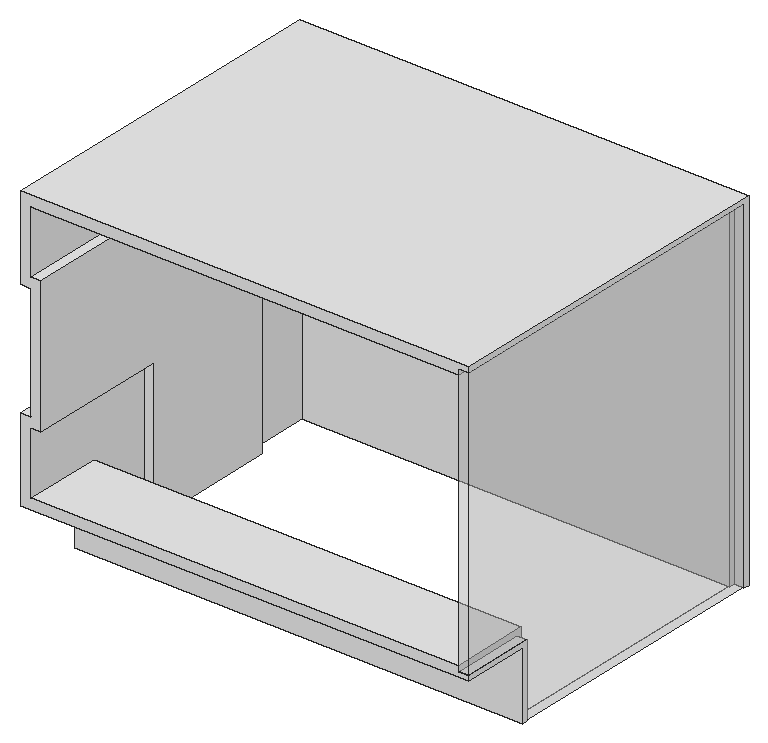
Revit family "2093155 Accessories_Sylvania_MC2 HORIZ-CORNER_Ceiling Surface", category Generic Models, Revit 2015
Parameters (values of type "MC2 90º HORIZ-CORNER WHT OPAL")
  Width = 54.00 mm
  Weight = 0.50 kg
  URL = "http://www.feilosylvania.com/"
  Product Page URL = "http://www.feilosylvania.com/product/en-int/products/2093155"
  Product Family = "MINI CONTINUUM II-ACCESSORIES"  # constant formula
  Offset = Width - 14.00 mm  # 40.00 mm
  Model = "MC2 90º HORIZ-CORNER WHT OPAL"
  Manufacturer = "Feilo Sylvania"  # constant formula
  Height = 86.00 mm
  Diffuser Material = Polycarbonate_Mini Continuum_Opal
  Description = "Used to conect two mini continuum luminaires together "  # constant formula
  Catalog Number = "2093155 MC2 90º HORIZ-CORNER WHT OPAL"
  Corner Material = Metal_Sylvania_Mini Continuum_White
  Default Elevation = 0.00 mm
Reference planes
  plane 1 "Center (Front/Back)": y = 0
  plane 2: z = 0
  plane 3 "Center (Left/Right)": x = 0
  plane 4: y = 27
  plane 5: y = -27
  plane 6: x = -86
  plane 7: z = 67
  plane 8: z = 40
  plane 9: z = 13
  plane 10: y = -40
  plane 11: y = 25
  plane 12: y = -25
  plane 13: x = -84
  plane 14: y = 26
  plane 15: y = -26
  plane 16: x = -2
  plane 17: y = 11
  plane 18: y = -11
Forms (mm)
  Sweep 1, solid, material "Metal_Sylvania_Mini Continuum_White" <- "Corner Material", detail levels fine
    path origin (0, 0, 0) x (0, 1, 0) y (0, 0, 1)
      loop
        line (0, 0) -> (0, 40) -> (-40, 40)
    profile origin (0, 0, 20) x (0, -1, 0) y (1, 0, 0)
      loop
        line (-27, 0) -> (-27, -86) -> (-11, -86) -> (-11, -84) -> (11, -84) -> (11, -86) -> (27, -86) -> (27, 0) -> (26, 0) -> (26, -2) -> (25, -2) -> (25, -84) -> (13, -84) -> (13, -82) -> (-13, -82) -> (-13, -84) -> (-25, -84) -> (-25, -2) -> (-26, -2) -> (-26, 0) -> (-27, 0)
  Sweep 2, solid, material "Polycarbonate_Mini Continuum_Opal" <- "Diffuser Material", detail levels fine
    path origin (0, 0, 0) x (0, 1, 0) y (0, 0, 1)
      loop
        line (0, 0) -> (0, 40) -> (-40, 40)
    profile origin (0, 0, 20) x (0, -1, 0) y (1, 0, 0)
      loop
        line (26, -2) -> (26, 0) -> (-26, 0) -> (-26, -2) -> (26, -2)
  Sweep 3, solid, material "Metal_Sylvania_Mini Continuum_White" <- "Corner Material", detail levels coarse+medium
    path origin (0, 0, 0) x (0, 1, 0) y (0, 0, 1)
      loop
        line (0, 0) -> (0, 40) -> (-40, 40)
    profile origin (0, 0, 20) x (0, -1, 0) y (1, 0, 0)
      loop
        line (-27, 0) -> (-27, -86) -> (27, -86) -> (27, 0) -> (-27, 0)
Dimensions and locks
  equal spacing: plane 4, plane 1 "Center (Front/Back)", plane 5
  "Width": plane 4 to plane 5
  "Height": plane 6 to plane 3 "Center (Left/Right)"
  equal spacing: plane 9, plane 8, plane 7
  "Width": plane 9 to plane 7
  plane 4 to plane 14 to plane 11 = 1.00 mm locked, 1.00 mm locked
  plane 12 to plane 15 to plane 5 = 1.00 mm locked, 1.00 mm locked
  locked: plane 6 to plane 13 at 2
  locked: plane 16 to plane 3 "Center (Left/Right)" at 2
  locked: Sweep 1 sketch curve to plane 18 at 2
  locked: plane 17 to Sweep 1 sketch curve at 2
  locked: plane 13 to Sweep 1 sketch curve at 2
  "Offset": plane 1 "Center (Front/Back)" to plane 10
  "Offset": plane 2 to plane 8
  aligned and locked: level to plane 2
  aligned and locked: Sweep 1 sketch curve to plane 17
  aligned and locked: Sweep 1 sketch curve to plane 18
  aligned and locked: Sweep 1 sketch curve to plane 6  (x2)
  aligned and locked: plane 11 to Sweep 1 sketch curve
  aligned and locked: plane 4 to Sweep 1 sketch curve
  aligned and locked: Sweep 1 sketch curve to plane 5
  aligned and locked: Sweep 1 sketch curve to plane 12
  aligned and locked: Sweep 1 sketch curve to plane 16
  aligned and locked: Sweep 1 sketch curve to plane 15
  aligned and locked: plane 3 "Center (Left/Right)" to Sweep 1 sketch curve  (x2)
  aligned and locked: Sweep 1 sketch curve to plane 14
  aligned and locked: plane 16 to Sweep 1 sketch curve
  aligned and locked: Sweep 1 sketch curve to plane 13
  aligned and locked: Sweep 2 sketch curve to plane 14
  aligned and locked: Sweep 2 sketch curve to plane 15
  aligned and locked: plane 16 to Sweep 2 sketch curve
  aligned and locked: plane 3 "Center (Left/Right)" to Sweep 2 sketch curve
  aligned and locked: plane 4 to Sweep 3 sketch curve
  aligned and locked: profile plane to Sweep 3 sketch curve
  aligned and locked: Sweep 3 sketch curve to plane 5
  aligned and locked: Sweep 3 sketch curve to plane 6
Automatic sketch dimensions
  Sweep 1 sketch curve to plane 10 = 0.00 mm
  Sweep 1 sketch curve to plane 1 "Center (Front/Back)" = 0.00 mm
  Sweep 1 sketch curve to level = 0.00 mm
  plane 8 to Sweep 1 sketch curve = 0.00 mm
  Sweep 1 sketch curve to Sweep 1 sketch curve = 0.00 mm
  Sweep 1 sketch curve to Sweep 1 sketch curve = 2.00 mm
  Sweep 2 sketch curve to plane 1 "Center (Front/Back)" = 0.00 mm
  plane 8 to Sweep 2 sketch curve = 0.00 mm
  Sweep 2 sketch curve to plane 10 = 0.00 mm
  Sweep 2 sketch curve to level = 0.00 mm
  Sweep 3 sketch curve to plane 1 "Center (Front/Back)" = 0.00 mm
  plane 8 to Sweep 3 sketch curve = 0.00 mm
  Sweep 3 sketch curve to plane 10 = 0.00 mm
  Sweep 3 sketch curve to level = 0.00 mm
